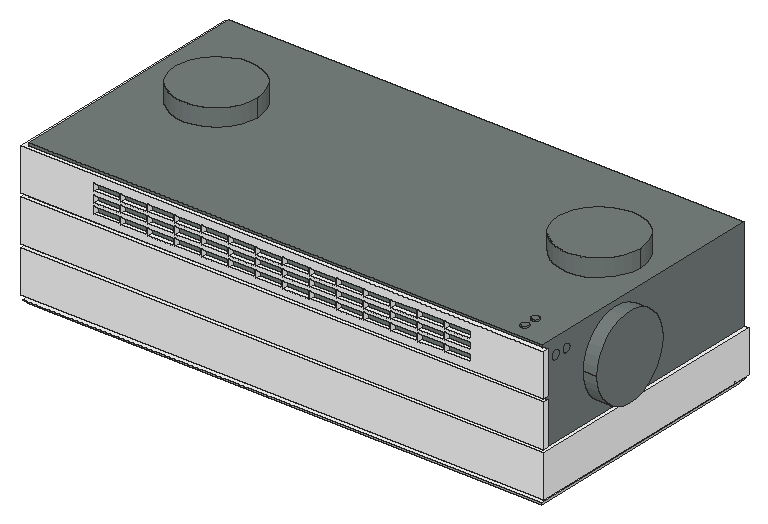
Revit family "AM 500 VTDE", category Mechanical Equipment, Revit 2019
Family settings
  Round Connector Dimension = Use Diameter
  Part Type = Normal
  OmniClass Number = 23.75.00.00
  OmniClass Title = Climate Control (HVAC)
  Work Plane-Based = No
  Always vertical = Yes
  Cut with Voids When Loaded = No
  Shared = No
  Room Calculation Point = No
Parameters
  Weight (Standard Unit) = 108  # constant formula
  Water Heater Surface Return = 10 mm  # constant formula
  Water Heater Surface IN = 10 mm  # constant formula
  URL = "www.airmaster-as.com"
  Total Width = 1600 mm  # constant formula
  Total Hight = 439 mm  # constant formula
  Top Panel [instance] = yes
  T-C Extraction = 139 mm  # constant formula
  R-C Duct Supply = 192 mm  # constant formula
  Middle panel [instance] = yes
  L-C Duct Exhaust = 238 mm  # constant formula
  Suply Air In = 250 mm  # constant formula
  Duct Extraction = 250 mm  # constant formula
  B-C Duct Supply = 328 mm  # constant formula
  Phase 1 - Max Power Consumption = "1762 W"
  Phase 1 - Max Current = "8,1 A"
  Nominal current, electrical preheating surface = "4,4 A"
  Nominal current, electrical comfort heating surface = "2,6 A"
  Nominal current, air handling unit = "1,1 A"
  Network Conection = "AWG 24 CAT 5e STP"
  Model = "AM 500 VTDE"
  Max. flow rate 35 dB(A) with ePM10 80% filters = 440.00 m³  # constant formula
  Max. flow rate 35 dB(A) with ePM10 55% filters = 495.00 m³  # constant formula
  Max. flow rate 35 dB(A) with ePM10 50% filters = 550.00 m³  # constant formula
  Max. flow rate 30 dB(A) with ePM10 80% filters = 344.00 m³  # constant formula
  Max. flow rate 30 dB(A) with ePM10 55% filters = 387.00 m³  # constant formula
  Max. flow rate 30 dB(A) with ePM10 50% filters = 430.00 m³  # constant formula
  Manufacturer = "Airmaster A/S"
  Maintenance [instance] = no
  B-C Duct Exhaust = 328 mm  # constant formula
  Exhaust Air = 250 mm  # constant formula
  Total Depth = 779 mm  # constant formula
  Electrical connection = "1 ~ 230 V / N / PE / 50 Hz"
  Drawn By = "LSB"
  Condensate = 9 mm  # constant formula
  BMS Panel = "(PTS) 2x2x0,6"
  BMS Out = "(PTS) 2x2x0,6"
  BMS IN = "(PTS) 2x0,6"
  B-C Extraction = 489 mm  # constant formula
  Airlow area [instance] = no
Reference planes
  plane 1 "Center (Front/Back)": y = 0
  plane 2: z = 0
  plane 3 "Center (Left/Right)": x = 0
  plane 4 "Center L/S": y = -779
  plane 5 "Center L/T": x = -800
  plane 6 "Center L/U": x = 800
  plane 7 "TOP": z = 439
  plane 8 "Center L/V": x = -785
  plane 9 "Center L/W": y = -764
  plane 10 "Center L/X": x = 785
  plane 11 "Panel Buttom": z = 24.45
  plane 12 "Panel Top": z = 153.45
  plane 13 "Hatch": z = 14.5
  plane 14 "Center L/Z": z = 163.4
  plane 15 "Center L/AA": z = 292.4
  plane 16 "Center L/BB": z = 302.35
  plane 17 "Center L/CC": z = 431.35
Forms (mm)
  Extrusion 1, solid, material "AM Grey"
    sketch origin (0, 0, 0) x (1, 0, 0) y (0, 1, 0)
      loop
        line (-785, 0) -> (-785, -764) -> (785, -764) -> (785, 0) -> (-785, 0)
    from 14.5 to 439
  Extrusion 2, solid, material "AM White"
    sketch origin (794.5, -1524, 24.45) x (0, -1, 0) y (-1, 0, 0)
      loop
        line (-1524, 1594.5) -> (-1524, 1579.5) -> (-760, 1579.5) -> (-760, 9.5) -> (-1524, 9.5) -> (-1524, -5.5) -> (-745, -5.5) -> (-745, 1594.5) -> (-1524, 1594.5)
    from 0 to -129
  Blend 3, solid, material "AM White"
    base sketch origin (-790.646, -1524, 14.5) x (0, -1, 0) y (1, 0, 0)
      loop
        line (-745, -2.387) -> (-745, 1583.657) -> (-1524, 1583.657) -> (-1524, -2.387) -> (-745, -2.387)
    top sketch origin (-790.646, -1524, 14.5) x (0, -1, 0) y (1, 0, 0)
      loop
        line (-760, 8.963) -> (-760, 1572.646) -> (-1509.161, 1572.646) -> (-1509.161, 8.963) -> (-760, 8.963)
    from 0 to -14.5
  Extrusion 4, void
    sketch origin (1480.036, -779, 302.35) x (1, 0, 0) y (0, 0, -1)
      loop
        line (-2055.036, -85.5) -> (-2055.036, -107.5) -> (-1977.536, -107.5) -> (-1977.536, -85.5) -> (-2055.036, -85.5)
      loop
        line (-2055.036, -53.5) -> (-2055.036, -75.5) -> (-1977.536, -75.5) -> (-1977.536, -53.5) -> (-2055.036, -53.5)
      loop
        line (-2055.036, -21.5) -> (-2055.036, -43.5) -> (-1977.536, -43.5) -> (-1977.536, -21.5) -> (-2055.036, -21.5)
      loop
        line (-1972.536, -85.5) -> (-1972.536, -107.5) -> (-1895.036, -107.5) -> (-1895.036, -85.5) -> (-1972.536, -85.5)
      loop
        line (-1972.536, -53.5) -> (-1972.536, -75.5) -> (-1895.036, -75.5) -> (-1895.036, -53.5) -> (-1972.536, -53.5)
      loop
        line (-1972.536, -21.5) -> (-1972.536, -43.5) -> (-1895.036, -43.5) -> (-1895.036, -21.5) -> (-1972.536, -21.5)
      loop
        line (-1890.036, -85.5) -> (-1890.036, -107.5) -> (-1812.536, -107.5) -> (-1812.536, -85.5) -> (-1890.036, -85.5)
      loop
        line (-1890.036, -53.5) -> (-1890.036, -75.5) -> (-1812.536, -75.5) -> (-1812.536, -53.5) -> (-1890.036, -53.5)
      loop
        line (-1890.036, -21.5) -> (-1890.036, -43.5) -> (-1812.536, -43.5) -> (-1812.536, -21.5) -> (-1890.036, -21.5)
      loop
        line (-1807.536, -85.5) -> (-1807.536, -107.5) -> (-1730.036, -107.5) -> (-1730.036, -85.5) -> (-1807.536, -85.5)
      loop
        line (-1807.536, -53.5) -> (-1807.536, -75.5) -> (-1730.036, -75.5) -> (-1730.036, -53.5) -> (-1807.536, -53.5)
      loop
        line (-1807.536, -21.5) -> (-1807.536, -43.5) -> (-1730.036, -43.5) -> (-1730.036, -21.5) -> (-1807.536, -21.5)
      loop
        line (-1725.036, -85.5) -> (-1725.036, -107.5) -> (-1647.536, -107.5) -> (-1647.536, -85.5) -> (-1725.036, -85.5)
      loop
        line (-1725.036, -53.5) -> (-1725.036, -75.5) -> (-1647.536, -75.5) -> (-1647.536, -53.5) -> (-1725.036, -53.5)
      loop
        line (-1725.036, -21.5) -> (-1725.036, -43.5) -> (-1647.536, -43.5) -> (-1647.536, -21.5) -> (-1725.036, -21.5)
      loop
        line (-1642.536, -85.5) -> (-1642.536, -107.5) -> (-1565.036, -107.5) -> (-1565.036, -85.5) -> (-1642.536, -85.5)
      loop
        line (-1642.536, -53.5) -> (-1642.536, -75.5) -> (-1565.036, -75.5) -> (-1565.036, -53.5) -> (-1642.536, -53.5)
      loop
        line (-1642.536, -21.5) -> (-1642.536, -43.5) -> (-1565.036, -43.5) -> (-1565.036, -21.5) -> (-1642.536, -21.5)
      loop
        line (-1560.036, -85.5) -> (-1560.036, -107.5) -> (-1482.536, -107.5) -> (-1482.536, -85.5) -> (-1560.036, -85.5)
      loop
        line (-1560.036, -53.5) -> (-1560.036, -75.5) -> (-1482.536, -75.5) -> (-1482.536, -53.5) -> (-1560.036, -53.5)
      loop
        line (-1560.036, -21.5) -> (-1560.036, -43.5) -> (-1482.536, -43.5) -> (-1482.536, -21.5) -> (-1560.036, -21.5)
      loop
        line (-1477.536, -85.5) -> (-1477.536, -107.5) -> (-1400.036, -107.5) -> (-1400.036, -85.5) -> (-1477.536, -85.5)
      loop
        line (-1477.536, -53.5) -> (-1477.536, -75.5) -> (-1400.036, -75.5) -> (-1400.036, -53.5) -> (-1477.536, -53.5)
      loop
        line (-1477.536, -21.5) -> (-1477.536, -43.5) -> (-1400.036, -43.5) -> (-1400.036, -21.5) -> (-1477.536, -21.5)
      loop
        line (-1395.036, -85.5) -> (-1395.036, -107.5) -> (-1317.536, -107.5) -> (-1317.536, -85.5) -> (-1395.036, -85.5)
      loop
        line (-1395.036, -53.5) -> (-1395.036, -75.5) -> (-1317.536, -75.5) -> (-1317.536, -53.5) -> (-1395.036, -53.5)
      loop
        line (-1395.036, -21.5) -> (-1395.036, -43.5) -> (-1317.536, -43.5) -> (-1317.536, -21.5) -> (-1395.036, -21.5)
      loop
        line (-1312.536, -85.5) -> (-1312.536, -107.5) -> (-1235.036, -107.5) -> (-1235.036, -85.5) -> (-1312.536, -85.5)
      loop
        line (-1312.536, -53.5) -> (-1312.536, -75.5) -> (-1235.036, -75.5) -> (-1235.036, -53.5) -> (-1312.536, -53.5)
      loop
        line (-1312.536, -21.5) -> (-1312.536, -43.5) -> (-1235.036, -43.5) -> (-1235.036, -21.5) -> (-1312.536, -21.5)
      loop
        line (-1230.036, -85.5) -> (-1230.036, -107.5) -> (-1152.536, -107.5) -> (-1152.536, -85.5) -> (-1230.036, -85.5)
      loop
        line (-1230.036, -53.5) -> (-1230.036, -75.5) -> (-1152.536, -75.5) -> (-1152.536, -53.5) -> (-1230.036, -53.5)
      loop
        line (-1230.036, -21.5) -> (-1230.036, -43.5) -> (-1152.536, -43.5) -> (-1152.536, -21.5) -> (-1230.036, -21.5)
      loop
        line (-1147.536, -85.5) -> (-1147.536, -107.5) -> (-1070.036, -107.5) -> (-1070.036, -85.5) -> (-1147.536, -85.5)
      loop
        line (-1147.536, -53.5) -> (-1147.536, -75.5) -> (-1070.036, -75.5) -> (-1070.036, -53.5) -> (-1147.536, -53.5)
      loop
        line (-1147.536, -21.5) -> (-1147.536, -43.5) -> (-1070.036, -43.5) -> (-1070.036, -21.5) -> (-1147.536, -21.5)
      loop
        line (-1065.036, -85.5) -> (-1065.036, -107.5) -> (-987.536, -107.5) -> (-987.536, -85.5) -> (-1065.036, -85.5)
      loop
        line (-1065.036, -53.5) -> (-1065.036, -75.5) -> (-987.536, -75.5) -> (-987.536, -53.5) -> (-1065.036, -53.5)
      loop
        line (-1065.036, -21.5) -> (-1065.036, -43.5) -> (-987.536, -43.5) -> (-987.536, -21.5) -> (-1065.036, -21.5)
      loop
        line (-982.536, -85.5) -> (-982.536, -107.5) -> (-905.036, -107.5) -> (-905.036, -85.5) -> (-982.536, -85.5)
      loop
        line (-982.536, -53.5) -> (-982.536, -75.5) -> (-905.036, -75.5) -> (-905.036, -53.5) -> (-982.536, -53.5)
      loop
        line (-982.536, -21.5) -> (-982.536, -43.5) -> (-905.036, -43.5) -> (-905.036, -21.5) -> (-982.536, -21.5)
    from 0 to 15
  Extrusion 5, solid, material "AM Grey"
    sketch origin (-785, -20, 0) x (0, 1, 0) y (0, 0, -1)
      loop
        arc (-34.231, -35.823) -> (-20.604, -46.468) -> (-15.509, -29.944) r 10.5
        arc (-15.509, -29.944) -> (-26.896, -26.432) -> (-34.231, -35.823) r 10.5
    from 0 to 14.9
  Extrusion 6, solid, material "AM Grey"
    sketch origin (785, 0, 0) x (0, -1, 0) y (0, 0, -1)
      loop
        circle (48.75, -36.414) r 8
    from 0 to 14.9
  Extrusion 7, solid, material "AM Grey"
    sketch origin (785, 0, 0) x (0, -1, 0) y (0, 0, -1)
      loop
        circle (48.75, -60.414) r 5.5
    from 0 to 14.9
  Extrusion 8, solid, material "AM Grey"
    sketch origin (785, 0, 0) x (0, -1, 0) y (0, 0, -1)
      loop
        arc (52.21, -82.945) -> (49.124, -78.934) -> (45.257, -82.197) r 3.5
        arc (45.257, -82.197) -> (48.376, -85.894) -> (52.21, -82.945) r 3.5
    from 0 to 14.9
  Extrusion 9, solid, material "AM Grey"
    sketch origin (785, 0, 0) x (0, -1, 0) y (0, 0, -1)
      loop
        arc (52.21, -104.867) -> (49.124, -100.856) -> (45.257, -104.119) r 3.5
        arc (45.257, -104.119) -> (48.376, -107.816) -> (52.21, -104.867) r 3.5
    from 0 to 14.9
  Extrusion 10, solid, material "AM Grey"
    sketch origin (785, 0, 0) x (0, -1, 0) y (0, 0, -1)
      loop
        arc (666.553, -391.641) -> (678.119, -403.614) -> (689.95, -391.903) r 11.7
        arc (689.95, -391.903) -> (678.381, -380.215) -> (666.553, -391.641) r 11.7
    from 0 to 2
  Extrusion 11, solid, material "AM Grey"
    sketch origin (785, 0, 0) x (0, -1, 0) y (0, 0, -1)
      loop
        arc (707.323, -393.239) -> (721.418, -403.717) -> (730.869, -388.914) r 12
        arc (730.869, -388.914) -> (717.082, -380.112) -> (707.323, -393.239) r 12
    from 0 to 2
  Extrusion 12, solid, material "AM Grey"
    sketch origin (-2194.69, 0, 0) x (1, 0, 0) y (0, 0, -1)
      loop
        arc (1478.835, -24) -> (1493.457, -45.482) -> (1480.281, -23.084) r 13
        line (1480.281, -23.084) -> (1478.835, -24)
    from 0 to 2
  Extrusion 13, solid, material "AM Grey"
    sketch origin (0, 0, 439) x (1, 0, 0) y (0, 1, 0)
      loop
        arc (693.662, -689.53) -> (693, -667.55) -> (692.338, -689.53) r 11
        line (692.338, -689.53) -> (693.662, -689.53)
    from 0 to 2
  Extrusion 14, solid, material "AM Grey"
    sketch origin (0, 0, 439) x (1, 0, 0) y (0, 1, 0)
      loop
        arc (693.662, -730.28) -> (693, -708.3) -> (692.338, -730.28) r 11
        line (692.338, -730.28) -> (693.662, -730.28)
    from 0 to 2
  Extrusion 15, solid, material "Maintenece", visible <- "Maintenance"
    sketch origin (-790.646, -1524, 0) x (1, 0, 0) y (0, -1, 0)
      loop
        line (-9.354, -1524) -> (1590.646, -1524) -> (1590.646, -745) -> (-9.354, -745) -> (-9.354, -1524)
    from 0 to 1200
  Extrusion 16, solid, material "AM Grey"
    sketch origin (0, 0, 439) x (1, 0, 0) y (0, 1, 0)
      loop
        circle (-562, -328) r 125
    from 0 to 53
  Extrusion 17, solid, material "AM Grey"
    sketch origin (1170, 0, 439) x (1, 0, 0) y (0, 1, 0)
      loop
        circle (-562, -328) r 125
    from 0 to 53
  Extrusion 18, solid, material "AM Grey"
    sketch origin (785, 0, 0) x (0, -1, 0) y (0, 0, -1)
      loop
        circle (489, -300) r 125
    from 0 to 45
  Extrusion 19, solid, material "AM White", visible <- "Middle panel"
    sketch origin (794.5, -1524, 163.4) x (0, -1, 0) y (-1, 0, 0)
      loop
        line (-1524, 1594.5) -> (-1524, 1579.5) -> (-760, 1579.5) -> (-760, 9.5) -> (-760, -5.5) -> (-745, -5.5) -> (-745, 1594.5) -> (-1524, 1594.5)
    from 0 to -129
  Extrusion 20, solid, material "AM White", visible <- "Top Panel"
    sketch origin (794.5, -1524, 302.35) x (0, -1, 0) y (-1, 0, 0)
      loop
        line (-1524, 1594.5) -> (-1524, 1579.5) -> (-760, 1579.5) -> (-760, 9.5) -> (-760, -5.5) -> (-745, -5.5) -> (-745, 1594.5) -> (-1524, 1594.5)
    from 0 to -129
Cuts and joins
  Extrusion 4 cuts Extrusion 1
  Extrusion 4 cuts Extrusion 2
  Extrusion 4 cuts Extrusion 19
  Extrusion 4 cuts Extrusion 20
Dimensions and locks
  "Total Depth": plane 4 "Center L/S" to plane 1 "Center (Front/Back)"
  equal spacing: plane 5 "Center L/T", plane 3 "Center (Left/Right)", plane 6 "Center L/U"
  "Total Width": plane 5 "Center L/T" to plane 6 "Center L/U"
  "Total Hight": plane 7 "TOP" to level
  locked: plane 10 "Center L/X" to plane 6 "Center L/U" at 15
  locked: plane 4 "Center L/S" to plane 9 "Center L/W" at 15
  locked: plane 5 "Center L/T" to plane 8 "Center L/V" at 15
  Extrusion 1 to Blend 3 sketch curve = 14.839 mm
  nested 2 to cut or joined group of Extrusion 2, Extrusion 4 = 550 mm
  "L-C Duct Exhaust": plane 5 "Center L/T" to Extrusion 16 sketch curve
  "B-C Duct Exhaust": Extrusion 16 sketch curve to plane 1 "Center (Front/Back)"
  "B-C Duct Supply": Extrusion 17 sketch curve to plane 1 "Center (Front/Back)"
  "R-C Duct Supply": Extrusion 17 sketch curve to plane 6 "Center L/U"
  "T-C Extraction": plane 7 "TOP" to Extrusion 18 sketch curve
  "B-C Extraction": Extrusion 18 sketch curve to plane 1 "Center (Front/Back)"
  aligned and locked: level to plane 2
  aligned and locked: plane 1 "Center (Front/Back)" to Extrusion 1 sketch curve
  aligned and locked: Extrusion 1 sketch curve to plane 8 "Center L/V"
  aligned and locked: Extrusion 1 sketch curve to plane 9 "Center L/W"
  aligned and locked: Extrusion 1 sketch curve to plane 10 "Center L/X"
  aligned and locked: plane 7 "TOP" to Extrusion 1
  aligned and locked: plane 5 "Center L/T" to Extrusion 2 sketch curve
  aligned and locked: plane 4 "Center L/S" to Extrusion 2 sketch curve
  aligned and locked: plane 6 "Center L/U" to Extrusion 2 sketch curve
  aligned and locked: Extrusion 2 sketch curve to Extrusion 1  (x3)
  aligned and locked: plane 1 "Center (Front/Back)" to Extrusion 2 sketch curve
  aligned and locked: Extrusion 2 to plane 12 "Panel Top"
  aligned and locked: Blend 3 to plane 2
  aligned and locked: plane 13 "Hatch" to Extrusion 1
  aligned and locked: Extrusion 15 sketch curve to cut or joined group of Extrusion 2, Extrusion 4  (x4)
Automatic sketch dimensions
  plane 1 "Center (Front/Back)" to Extrusion 2 sketch curve = 0 mm
  plane 1 "Center (Front/Back)" to Blend 3 sketch curve = 0 mm
  plane 4 "Center L/S" to Blend 3 sketch curve = 0 mm
  plane 5 "Center L/T" to Blend 3 sketch curve = 6.967 mm
  Blend 3 sketch curve to plane 6 "Center L/U" = 6.989 mm
  plane 9 "Center L/W" to Blend 3 sketch curve = 0 mm
  plane 8 "Center L/V" to Blend 3 sketch curve = 3.316 mm
  Blend 3 sketch curve to plane 10 "Center L/X" = 3 mm
  Extrusion 2 to Extrusion 4 sketch curve = 234.4 mm  (x4)
  Extrusion 4 sketch curve to Extrusion 2 = 225 mm
  Extrusion 4 sketch curve to Extrusion 4 sketch curve = 0 mm  (x87)
  Extrusion 4 sketch curve to Extrusion 4 sketch curve = 77.5 mm  (x14)
  Extrusion 4 sketch curve to Extrusion 4 sketch curve = 5 mm  (x39)
  Extrusion 2 to Extrusion 4 sketch curve = 256.4 mm  (x3)
  Extrusion 4 sketch curve to Extrusion 4 sketch curve = 10 mm  (x12)
  Extrusion 4 sketch curve to Extrusion 4 sketch curve = 22 mm  (x4)
  Extrusion 4 sketch curve to Extrusion 2 = 299.4 mm  (x4)
  Extrusion 5 sketch curve to Extrusion 5 sketch curve = 0 mm  (x2)
  Extrusion 1 to Extrusion 5 sketch curve = 43.75 mm
  Extrusion 1 to Extrusion 5 sketch curve = 21.95 mm
  Extrusion 5 sketch curve to Extrusion 5 sketch curve = 10.481 mm
  Extrusion 5 sketch curve to Extrusion 5 sketch curve = 8.241 mm
  Extrusion 5 sketch curve to Extrusion 5 sketch curve = 0.627 mm
  Extrusion 1 to Extrusion 6 sketch curve = 21.914 mm
  Extrusion 1 to Extrusion 6 sketch curve = 48.75 mm
  Extrusion 1 to Extrusion 7 sketch curve = 48.75 mm
  Extrusion 1 to Extrusion 7 sketch curve = 45.914 mm
  Extrusion 8 sketch curve to Extrusion 8 sketch curve = 0 mm  (x2)
  Extrusion 1 to Extrusion 8 sketch curve = 48.75 mm
  Extrusion 1 to Extrusion 8 sketch curve = 67.914 mm
  Extrusion 8 sketch curve to Extrusion 8 sketch curve = 3.493 mm
  Extrusion 8 sketch curve to Extrusion 8 sketch curve = 3.46 mm
  Extrusion 8 sketch curve to Extrusion 8 sketch curve = 0.531 mm
  Extrusion 9 sketch curve to Extrusion 9 sketch curve = 0 mm  (x2)
  Extrusion 1 to Extrusion 9 sketch curve = 48.75 mm
  Extrusion 1 to Extrusion 9 sketch curve = 89.836 mm
  Extrusion 9 sketch curve to Extrusion 9 sketch curve = 3.493 mm
  Extrusion 9 sketch curve to Extrusion 9 sketch curve = 3.46 mm
  Extrusion 9 sketch curve to Extrusion 9 sketch curve = 0.531 mm
  Extrusion 10 sketch curve to Extrusion 10 sketch curve = 0 mm  (x2)
  Extrusion 1 to Extrusion 10 sketch curve = 85.75 mm
  Extrusion 1 to Extrusion 10 sketch curve = 47.086 mm
  Extrusion 10 sketch curve to Extrusion 10 sketch curve = 11.697 mm
  Extrusion 10 sketch curve to Extrusion 10 sketch curve = 11.7 mm
  Extrusion 10 sketch curve to Extrusion 10 sketch curve = 0.011 mm
  Extrusion 11 sketch curve to Extrusion 11 sketch curve = 0 mm  (x2)
  Extrusion 1 to Extrusion 11 sketch curve = 44.75 mm
  Extrusion 1 to Extrusion 11 sketch curve = 47.086 mm
  Extrusion 11 sketch curve to Extrusion 11 sketch curve = 11.927 mm
  Extrusion 11 sketch curve to Extrusion 11 sketch curve = 11.619 mm
  Extrusion 11 sketch curve to Extrusion 11 sketch curve = 1.325 mm
  Extrusion 1 to Extrusion 12 sketch curve = 9.5 mm
  Extrusion 12 sketch curve to Extrusion 1 = 69.145 mm
  Extrusion 1 to Extrusion 12 sketch curve = 8.584 mm
  Extrusion 12 sketch curve to Extrusion 12 sketch curve = 1.446 mm
  Extrusion 12 sketch curve to Extrusion 12 sketch curve = 6.219 mm
  Extrusion 13 sketch curve to Extrusion 1 = 92.662 mm
  Extrusion 13 sketch curve to Extrusion 13 sketch curve = 0.662 mm
  Extrusion 13 sketch curve to Extrusion 1 = 74.47 mm
  Extrusion 13 sketch curve to Extrusion 13 sketch curve = 10.98 mm
  Extrusion 14 sketch curve to Extrusion 1 = 92.662 mm
  Extrusion 14 sketch curve to Extrusion 14 sketch curve = 0.662 mm
  Extrusion 14 sketch curve to Extrusion 1 = 33.72 mm
  Extrusion 14 sketch curve to Extrusion 14 sketch curve = 10.98 mm
  plane 1 "Center (Front/Back)" to Extrusion 19 sketch curve = 0 mm
  plane 1 "Center (Front/Back)" to Extrusion 19 sketch curve = 764 mm
  Extrusion 19 sketch curve to plane 8 "Center L/V" = 0 mm
  Extrusion 19 sketch curve to plane 9 "Center L/W" = 0 mm
  plane 4 "Center L/S" to Extrusion 19 sketch curve = 0 mm
  Extrusion 19 sketch curve to plane 5 "Center L/T" = 0 mm
  Extrusion 19 sketch curve to plane 10 "Center L/X" = 0 mm  (x2)
  Extrusion 19 sketch curve to plane 6 "Center L/U" = 0 mm
  plane 1 "Center (Front/Back)" to Extrusion 20 sketch curve = 0 mm
  plane 1 "Center (Front/Back)" to Extrusion 20 sketch curve = 764 mm
  Extrusion 20 sketch curve to plane 8 "Center L/V" = 0 mm
  Extrusion 20 sketch curve to plane 9 "Center L/W" = 0 mm
  plane 4 "Center L/S" to Extrusion 20 sketch curve = 0 mm
  Extrusion 20 sketch curve to plane 5 "Center L/T" = 0 mm
  Extrusion 20 sketch curve to plane 10 "Center L/X" = 0 mm  (x2)
  Extrusion 20 sketch curve to plane 6 "Center L/U" = 0 mm
  radius of Extrusion 6 sketch curve = 8 mm
  radius of Extrusion 7 sketch curve = 5.5 mm
  radius of Extrusion 16 sketch curve = 125 mm
  radius of Extrusion 17 sketch curve = 125 mm
  radius of Extrusion 18 sketch curve = 125 mm
Nested families
  nested 1: "Model Label 2019" at (0, -541.924, 0), Label <- "Model", type "Model Label 2019"
    with Label "AM 500 VTDE"
  nested 2: "indblæssymbol" at (11.742, -879, 0) x (0, -1, 0) z (0, 0, 1), type "indblæssymbol"
    with dX_ 609 mm, dX 609 mm, ang2D 0.00°
Connectors
  piping at (-799.9, -44.87, 32.883), diameter 9, driven by "Condensate"
    settings: on Extrusion 5, index 1, connector inside diameter 609.6 mm, connector length 0 mm, flow factor 0, pipe flow 0.0 L/s, pressure drop 0.0 Pa, fitting loss kfactor 0, connector angle 0.00°, fixture units 0, engagement length 0 mm, angle of deflection 0.00°, flow configuration 0, flow direction 0, fitting loss method 0, system type 16, joint type 0, gender type 0, connector reference index -1, connector utility 0, adjustable connector no, is connector primary yes, connector description ""
  electrical at (799.9, -48.75, 36.414), driven by "Electrical connection"
    settings: on Extrusion 6, index 2, voltage 230 V, apparent load 0 VA, apparent load phase1 0 VA, apparent load phase2 0 VA, apparent load phase3 0 VA, power factor 0.58, load classification "Other", number of poles 1, system type 30, power factor state 1, is connector primary yes, connector utility no, sub classification motor no, connector description "1 ~ 230 V / N / PE / 50 Hz"
  electrical at (799.9, -48.75, 60.414), driven by "Network Conection"
    settings: on Extrusion 7, index 3, voltage 0 V, apparent load 0 VA, apparent load phase1 0 VA, apparent load phase2 0 VA, apparent load phase3 0 VA, power factor 1, load classification "Other", number of poles 1, system type 5, power factor state 1, is connector primary no, connector utility no, sub classification motor no, connector description "AWG 24 CAT 5e STP"
  electrical at (799.9, -48.733, 82.571), driven by "BMS IN"
    settings: on Extrusion 8, index 4, voltage 0 V, apparent load 0 VA, apparent load phase1 0 VA, apparent load phase2 0 VA, apparent load phase3 0 VA, power factor 1, load classification "Other", number of poles 1, system type 5, power factor state 1, is connector primary no, connector utility no, sub classification motor no, connector description "(PTS) 2x0,6"
  electrical at (799.9, -48.733, 104.493), driven by "BMS Out"
    settings: on Extrusion 9, index 5, voltage 0 V, apparent load 0 VA, apparent load phase1 0 VA, apparent load phase2 0 VA, apparent load phase3 0 VA, power factor 1, load classification "Other", number of poles 1, system type 5, power factor state 1, is connector primary no, connector utility no, sub classification motor no, connector description "(PTS) 2x2x0,6"
  piping at (787, -719.096, 391.076), diameter 10, driven by "Water Heater Surface IN"
    settings: on Extrusion 11, index 6, connector inside diameter 609.6 mm, connector length 0 mm, flow factor 0, pipe flow 0.0 L/s, pressure drop 0.0 Pa, fitting loss kfactor 0, connector angle 0.00°, fixture units 0, engagement length 0 mm, angle of deflection 0.00°, flow configuration 0, flow direction 1, fitting loss method 0, system type 7, joint type 0, gender type 0, connector reference index -1, connector utility 0, adjustable connector no, is connector primary no, connector description ""
  piping at (787, -678.252, 391.772), diameter 10, driven by "Water Heater Surface Return"
    settings: on Extrusion 10, index 7, connector inside diameter 609.6 mm, connector length 0 mm, flow factor 0, pipe flow 0.0 L/s, pressure drop 0.0 Pa, fitting loss kfactor 0, connector angle 0.00°, fixture units 0, engagement length 0 mm, angle of deflection 0.00°, flow configuration 0, flow direction 2, fitting loss method 0, system type 8, joint type 0, gender type 0, connector reference index -1, connector utility 0, adjustable connector no, is connector primary no, connector description ""
  piping at (-715.132, 2, 23.542), diameter 9, driven by "Condensate"
    settings: on Extrusion 12, index 8, connector inside diameter 609.6 mm, connector length 0 mm, flow factor 0, pipe flow 0.0 L/s, pressure drop 0.0 Pa, fitting loss kfactor 0, connector angle 0.00°, fixture units 0, engagement length 0 mm, angle of deflection 0.00°, flow configuration 0, flow direction 0, fitting loss method 0, system type 16, joint type 0, gender type 0, connector reference index -1, connector utility 0, adjustable connector no, is connector primary no, connector description "9"
  piping at (693, -730.28, 441), diameter 10, driven by "Water Heater Surface IN"
    settings: on Extrusion 14, index 11, connector inside diameter 609.6 mm, connector length 0 mm, flow factor 0, pipe flow 0.0 L/s, pressure drop 0.0 Pa, fitting loss kfactor 0, connector angle 0.00°, fixture units 0, engagement length 0 mm, angle of deflection 0.00°, flow configuration 0, flow direction 0, fitting loss method 0, system type 19, joint type 0, gender type 0, connector reference index -1, connector utility 0, adjustable connector no, is connector primary no, connector description ""
  piping at (693, -689.53, 441), diameter 10, driven by "Water Heater Surface Return"
    settings: on Extrusion 13, index 12, connector inside diameter 609.6 mm, connector length 0 mm, flow factor 0, pipe flow 0.0 L/s, pressure drop 0.0 Pa, fitting loss kfactor 0, connector angle 0.00°, fixture units 0, engagement length 0 mm, angle of deflection 0.00°, flow configuration 0, flow direction 0, fitting loss method 0, system type 19, joint type 0, gender type 0, connector reference index -1, connector utility 0, adjustable connector no, is connector primary no, connector description ""
  hvac at (608, -328, 439), driven by "Suply Air In"
    settings: on Extrusion 17, index 16, duct flow 0.0 L/s, flow factor 0, pres drop 0.0 Pa, loss coef 0, conn angle 0.00°, conn width 304.8 mm, conn height 304.8 mm, conn diameter 250 mm, duct sys type 1, conn prof type 0, flow config 0, flow direction 1, loss method 0, conn ref index -1, conn util no, is conn primary yes, conn desc ""
  hvac at (-562, -328, 439), driven by "Exhaust Air"
    settings: on Extrusion 16, index 17, duct flow 0.0 L/s, flow factor 0, pres drop 0.0 Pa, loss coef 0, conn angle 0.00°, conn width 304.8 mm, conn height 304.8 mm, conn diameter 250 mm, duct sys type 3, conn prof type 0, flow config 0, flow direction 2, loss method 0, conn ref index -1, conn util no, is conn primary no, conn desc ""
  hvac at (785, -489, 300), driven by "Duct Extraction"
    settings: on Extrusion 18, index 18, duct flow 0.0 L/s, flow factor 0, pres drop 0.0 Pa, loss coef 0, conn angle 0.00°, conn width 304.8 mm, conn height 304.8 mm, conn diameter 250 mm, duct sys type 2, conn prof type 0, flow config 0, flow direction 1, loss method 0, conn ref index -1, conn util no, is conn primary no, conn desc ""
Definition of nested family "Model Label 2019"
  Parameters (values of type "Model Label 2019")
    Label [instance] = ""
  Reference planes
    plane 1: y = 0
    plane 2: x = 0
  Text (mm)
    label "Label" at (-0.131, 0.049, 0), shows "Label"
Definition of nested family "indblæssymbol"
  Parameters (values of type "indblæssymbol")
    dX_ [instance] = if(dX = 0 mm, 1 mm, dX)  # 609 mm
    dX [instance] = 609 mm
    ang2D [instance] = 0.00°
    Type Comments = "DO NOT CHANGE dX value from 608 mm ( 2 ft )"
    Afstand pil = 50 mm
  Reference planes
    plane 1 "Center (Front/Back)": y = 0
    plane 2: z = 0
    plane 3 "Center (Left/Right)": x = 0
  Lines and regions (mm)
    Filled region 1, type "Concrete", in view "Ref. Level"
      outline origin (50.005, 0, 0) x (1, 0, 0) y (0, 1, 0)
        loop
          line (399.995, 0.414) -> (301.442, 17.365) -> (301.588, -17.365) -> (399.995, 0.414)
    reference lines, in view "Ref. Level"
      curve 1: line (50, 134.129, 0) -> (50, -145.871, 0)
    detail lines, in view "Ref. Level"
      curve 2: line (351.52, 0, 0) -> (50, 0, 0)
  Dimensions and locks
    "Afstand pil": plane 3 "Center (Left/Right)" to curve 1
    curve 1 to Filled region 1 = 400 mm
  Automatic sketch dimensions
    Filled region 1 sketch curve to plane 1 "Center (Front/Back)" = 0.414 mm
    plane 3 "Center (Left/Right)" to Filled region 1 sketch curve = 450 mm
    plane 1 "Center (Front/Back)" to Filled region 1 sketch curve = 17.365 mm
    Filled region 1 sketch curve to Filled region 1 sketch curve = 98.407 mm
    Filled region 1 sketch curve to plane 1 "Center (Front/Back)" = 17.365 mm
    Filled region 1 sketch curve to Filled region 1 sketch curve = 0.146 mm
    plane 1 "Center (Front/Back)" to curve 2 = 0 mm
    plane 3 "Center (Left/Right)" to curve 2 = 50 mm
    curve 2 to curve 2 = 301.52 mm
    plane 1 "Center (Front/Back)" to curve 1 = 145.871 mm
    curve 1 to plane 1 "Center (Front/Back)" = 134.129 mm
